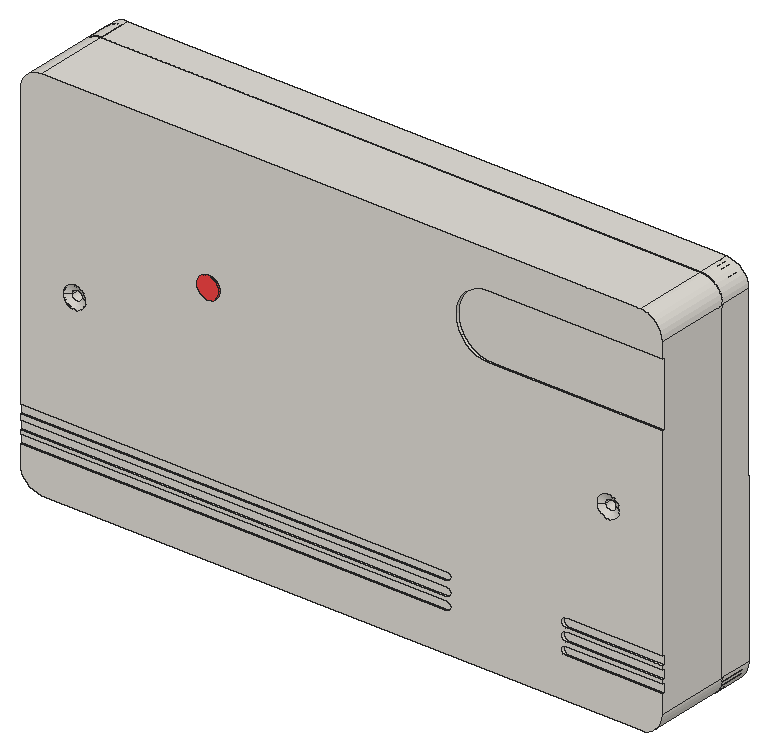
Revit family "TYCO-FPP-FireClass-FC410CIM CONTACT IP MODULE", category Electrical Fixtures, Revit 2014
Parameters (values of type "TYCO-FPP-FireClass-FC410CIM CONTACT IP MODULE")
  Wire Size (maximum) = "2.5sq. mm"
  Width = 84 mm  # constant formula
  URL = "https://fireclass.co.uk/en/emea/DocumentandMedia1/Data%20Sheets/80093%20Tyco%20Datasheet_addressable%20Loop%20Modules%20LR.pdf"
  Type Comments = "The FC410CIM FC Addressable Contact Input Module is designed to monitor\r\nfire contacts such as extinguishing system control, ventilation control, fire\r\ndoor control etc"
  Storage Temperature = "–40°C to +80°C"
  Relative Humidity = "10% to 95%"
  Rear Cover = yes
  PCB = PCB
  Model = "FireClass - 555.800.702"
  Manufacturer = "Tyco"
  Loop Voltage = "20V to 40Vdc"
  Length = 61 mm  # constant formula
  Keynote = "Two spur circuits monitoring multiple normally open contacts,\r\nwith short circuit giving a fault output."
  Front Cover = yes
  EOL Resistor = "200 Ohm"
  Description = "Contact Module FC410CIM"
  Monitor Resistor Value = "100 Ohm"
  Operating Temperature = "- 25 - + 70 ºC"
  Alarm State Current = "2.8mA"
Reference planes
  plane 1 "Center (Front/Back)": y = 0
  plane 2: z = 0
  plane 3 "Center (Left/Right)": x = 0
  plane 4: z = -30.5
  plane 5: z = 30.5
  plane 6: x = -42
  plane 7: x = 42
Forms (mm)
  Extrusion 1, solid, material "PCB" <- "PCB", detail levels fine
    sketch origin (0, 0, 0) x (1, 0, 0) y (0, 0, 1)
      loop
        line (-42, 30.5) -> (-42, -30.5) -> (42, -30.5) -> (42, 30.5) -> (-42, 30.5)
      loop
        circle (25.103, 14.32) r 3
      loop
        circle (26.184, -16.946) r 3
      loop
        circle (-27.276, 13.906) r 3
      loop
        circle (-26.184, -16.946) r 3
      loop
        circle (39.018, 27.625) r 1.135
      loop
        circle (39.018, -27.625) r 1.135
      loop
        circle (-39.018, 27.625) r 1.135
      loop
        circle (-39.018, -27.625) r 1.135
    from 0 to -0.518
  Extrusion 2, solid, material "SWT", detail levels fine
    sketch origin (-42, -4572, 71.14) x (0, 0, 1) y (0, -1, 0)
      loop
        line (-41.105, -4572) -> (-41.105, -4568.641) -> (-43.199, -4565.651) -> (-48.199, -4565.651) -> (-51.734, -4569.187) -> (-51.734, -4572) -> (-41.105, -4572)
    from 9.78 to 30.742
  Extrusion 3, solid, material "ST"
    sketch origin (-42, -2.813, 19.406) x (0, -0.707107, 0.707107) y (-1, 0, 0)
      loop
        line (4.36, -10.388) -> (0.904, -10.388) -> (0.904, -14.436) -> (4.36, -14.436) -> (4.36, -10.388)
      loop
        line (4.36, -15.388) -> (0.904, -15.388) -> (0.904, -19.436) -> (4.36, -19.436) -> (4.36, -15.388)
      loop
        line (4.36, -20.388) -> (0.904, -20.388) -> (0.904, -24.436) -> (4.36, -24.436) -> (4.36, -20.388)
      loop
        line (4.36, -25.388) -> (0.904, -25.388) -> (0.904, -29.436) -> (4.36, -29.436) -> (4.36, -25.388)
    from -1.989 to 1.281
  Extrusion 4, solid, material "ST"
    sketch origin (-42, -6.349, 27.942) x (0, 0.819152, 0.573576) y (-1, 0, 0)
      loop
        circle (1.836, -27.318) r 1.507
      loop
        circle (1.836, -22.318) r 1.507
      loop
        circle (1.836, -17.576) r 1.507
      loop
        circle (1.836, -12.576) r 1.507
    from -0.83 to 0.562
  Extrusion 5, solid, material "SWT", detail levels fine
    sketch origin (42, -4572, 71.14) x (0, 0, 1) y (0, 1, 0)
      loop
        line (-41.105, 4572) -> (-51.734, 4572) -> (-51.734, 4569.187) -> (-48.199, 4565.651) -> (-43.199, 4565.651) -> (-41.105, 4568.641) -> (-41.105, 4572)
    from 9.78 to 30.742
  Extrusion 6, solid, material "ST"
    sketch origin (42, -2.813, 19.406) x (0, -0.707107, 0.707107) y (-1, 0, 0)
      loop
        line (4.36, 10.388) -> (4.36, 14.436) -> (0.904, 14.436) -> (0.904, 10.388) -> (4.36, 10.388)
      loop
        line (4.36, 15.388) -> (4.36, 19.436) -> (0.904, 19.436) -> (0.904, 15.388) -> (4.36, 15.388)
      loop
        line (4.36, 20.388) -> (4.36, 24.436) -> (0.904, 24.436) -> (0.904, 20.388) -> (4.36, 20.388)
      loop
        line (4.36, 25.388) -> (4.36, 29.436) -> (0.904, 29.436) -> (0.904, 25.388) -> (4.36, 25.388)
    from -1.989 to 1.281
  Extrusion 7, solid, material "ST"
    sketch origin (42, -6.349, 27.942) x (0, 0.819152, 0.573576) y (-1, 0, 0)
      loop
        circle (1.836, 27.318) r 1.507
      loop
        circle (1.836, 22.318) r 1.507
      loop
        circle (1.836, 17.576) r 1.507
      loop
        circle (1.836, 12.576) r 1.507
    from -0.83 to 0.562
  Extrusion 8, solid, material "CON", detail levels fine
    sketch origin (0, 0, 0) x (1, 0, 0) y (0, 0, 1)
      loop
        circle (-2.554, -22.996) r 2.25
    from 0 to 4.715
Lines and regions (mm)
  model lines
    curve 1: line (-12.077, 0, 17.768) -> (-10.618, 0, 16.308)
    curve 2: line (-10.618, 0, 16.308) -> (13.577, 0, 16.308)
    curve 3: line (13.577, 0, 16.308) -> (17.318, 0, 14.148)
    curve 4: line (-11.512, 0, 18.334) -> (-10.287, 0, 17.108)
    curve 5: line (-10.287, 0, 17.108) -> (13.791, 0, 17.108)
    curve 6: line (13.791, 0, 17.108) -> (17.716, 0, 14.842)
    curve 7: circle (-12.284, 0, 18.368) r 0.899 normal (0, -1, 0)
    curve 8: circle (18.341, 0, 14.023) r 1.031 normal (0, -1, 0)
    curve 9: line (-18.507, 0, 12.301) -> (-3.798, 0, 12.301)
    curve 10: line (-18.569, 0, 13.101) -> (-3.855, 0, 13.101)
    curve 11: arc (-18.569, 0, 13.101) -> (-20.305, 0, 12.562) -> (-18.507, 0, 12.301) r 0.932
    curve 12: circle (-3.003, 0, 12.759) r 0.917 normal (0, -1, 0)
    curve 13: line (-30.887, 0, 9.958) -> (-37.401, 0, 9.958)
    curve 14: line (-37.401, 0, 9.958) -> (-39.548, 0, 7.811)
    curve 15: line (-39.548, 0, 7.811) -> (-39.548, 0, -19.407)
    curve 16: line (-38.748, 0, 7.48) -> (-38.748, 0, -19.407)
    curve 17: line (-37.07, 0, 9.158) -> (-38.748, 0, 7.48)
    curve 18: line (-30.963, 0, 9.158) -> (-37.07, 0, 9.158)
    curve 19: circle (-29.96, 0, 9.616) r 1.103 normal (0, -1, 0)
    curve 20: circle (-39.246, 0, -20.183) r 1.05 normal (0, -1, 0)
    curve 21: line (-22.909, 0, 4.903) -> (-22.909, 0, -2.64)
    curve 22: line (-22.909, 0, -2.64) -> (-20.029, 0, -5.52)
    curve 23: line (-20.029, 0, -5.52) -> (-13.923, 0, -5.52)
    curve 24: line (-13.923, 0, -5.52) -> (-13.923, 0, -22.089)
    curve 25: line (-22.109, 0, 4.869) -> (-22.109, 0, -2.309)
    curve 26: line (-22.109, 0, -2.309) -> (-19.698, 0, -4.72)
    curve 27: line (-19.698, 0, -4.72) -> (-13.123, 0, -4.72)
    curve 28: line (-13.123, 0, -4.72) -> (-13.123, 0, -22.107)
    curve 29: circle (-22.47, 0, 5.793) r 0.993 normal (0, -1, 0)
    curve 30: circle (-13.545, 0, -23.107) r 1.086 normal (0, -1, 0)
    curve 31: line (-18.334, 0, 2.673) -> (-15.661, 0, 0)
    curve 32: line (-15.661, 0, 0) -> (-7.298, 0, 0)
    curve 33: line (-7.298, 0, 0) -> (-3.763, 0, -3.536)
    curve 34: line (-3.763, 0, -3.536) -> (27.445, 0, -3.536)
    curve 35: line (-17.726, 0, 3.196) -> (-15.33, 0, 0.8)
    curve 36: line (-15.33, 0, 0.8) -> (-6.967, 0, 0.8)
    curve 37: line (-6.967, 0, 0.8) -> (-3.431, 0, -2.736)
    curve 38: line (-3.431, 0, -2.736) -> (27.394, 0, -2.736)
    curve 39: circle (-18.679, 0, 3.69) r 1.074 normal (0, -1, 0)
    curve 40: circle (28.353, 0, -3.077) r 1.018 normal (0, -1, 0)
    curve 41: line (12.616, 0, 2.966) -> (27.553, 0, 2.966)
    curve 42: line (27.553, 0, 2.966) -> (33.741, 0, 9.153)
    curve 43: line (12.553, 0, 3.766) -> (27.222, 0, 3.766)
    curve 44: line (27.222, 0, 3.766) -> (33.158, 0, 9.701)
    curve 45: circle (11.841, 0, 3.308) r 0.847 normal (0, -1, 0)
    curve 46: circle (34.058, 0, 10.075) r 0.975 normal (0, -1, 0)
    curve 47: line (5.637, 0, 12.301) -> (12.22, 0, 8.5)
    curve 48: line (12.22, 0, 8.5) -> (27.101, 0, 8.5)
    curve 49: line (6.037, 0, 12.994) -> (12.434, 0, 9.3)
    curve 50: line (12.434, 0, 9.3) -> (27.156, 0, 9.3)
    curve 51: circle (5.352, 0, 13.101) r 0.938 normal (0, -1, 0)
    curve 52: circle (28.224, 0, 8.953) r 1.123 normal (0, -1, 0)
  model lines, detail levels coarse+medium
    curve 53: line (-42, 0.518, 30.5) -> (42, 0.518, 30.5)
    curve 54: line (-42, 0.518, -30.5) -> (-42, 0.518, 30.5)
    curve 55: line (42, 0.518, -30.5) -> (-42, 0.518, -30.5)
    curve 56: line (42, 0.518, 30.5) -> (42, 0.518, -30.5)
Dimensions and locks
  equal spacing: plane 5, plane 2, plane 4
  "Length": plane 5 to plane 4
  equal spacing: plane 7, plane 3 "Center (Left/Right)", plane 6
  "Width": plane 7 to plane 6
  aligned and locked: level to plane 2
  aligned and locked: plane 5 to Extrusion 1 sketch curve
  aligned and locked: plane 6 to Extrusion 1 sketch curve
  aligned and locked: plane 4 to Extrusion 1 sketch curve
  aligned and locked: plane 7 to Extrusion 1 sketch curve
  aligned and locked: plane 5 to curve 53
  aligned and locked: plane 4 to curve 55
  aligned and locked: plane 7 to curve 56
  aligned and locked: plane 6 to curve 54
  aligned and locked: Extrusion 8 to Extrusion 1
  aligned and locked: plane 1 "Center (Front/Back)" to nested 1
  aligned and locked: plane 3 "Center (Left/Right)" to nested 1
  aligned and locked: plane 2 to nested 1
  aligned and locked: plane 3 "Center (Left/Right)" to nested 2
  aligned and locked: plane 2 to nested 2
  aligned and locked: nested 2 to Extrusion 1
Automatic sketch dimensions
  plane 6 to Extrusion 1 sketch curve = 2.982 mm  (x2)
  plane 6 to Extrusion 1 sketch curve = 14.724 mm
  plane 6 to Extrusion 1 sketch curve = 15.816 mm
  plane 7 to Extrusion 1 sketch curve = 16.897 mm
  plane 7 to Extrusion 1 sketch curve = 15.816 mm
  plane 7 to Extrusion 1 sketch curve = 2.982 mm  (x2)
  plane 4 to Extrusion 1 sketch curve = 2.875 mm  (x2)
  plane 4 to Extrusion 1 sketch curve = 13.554 mm  (x2)
  level to Extrusion 1 sketch curve = 13.906 mm
  level to Extrusion 1 sketch curve = 14.32 mm
  plane 5 to Extrusion 1 sketch curve = 2.875 mm  (x2)
  Extrusion 2 sketch curve to plane 1 "Center (Front/Back)" = 0 mm
  plane 5 to Extrusion 2 sketch curve = 11.094 mm
  Extrusion 2 sketch curve to Extrusion 2 sketch curve = 3.536 mm
  plane 5 to Extrusion 2 sketch curve = 2.558 mm
  plane 5 to Extrusion 2 sketch curve = 0.465 mm
  Extrusion 2 sketch curve to Extrusion 2 sketch curve = 2.813 mm
  plane 1 "Center (Front/Back)" to Extrusion 2 sketch curve = 3.359 mm
  Extrusion 2 sketch curve to Extrusion 2 sketch curve = 2.99 mm
  Extrusion 3 sketch curve to Extrusion 2 = 0.904 mm  (x4)
  Extrusion 2 to Extrusion 3 sketch curve = 0.64 mm  (x4)
  Extrusion 2 to Extrusion 3 sketch curve = 1.306 mm
  Extrusion 3 sketch curve to Extrusion 3 sketch curve = 4.048 mm  (x3)
  Extrusion 3 sketch curve to Extrusion 3 sketch curve = 0.952 mm  (x3)
  Extrusion 2 to Extrusion 3 sketch curve = 0.608 mm
  Extrusion 2 to Extrusion 4 sketch curve = 1.814 mm  (x4)
  Extrusion 2 to Extrusion 4 sketch curve = 3.424 mm
  Extrusion 4 sketch curve to Extrusion 4 sketch curve = 5 mm
  Extrusion 4 sketch curve to Extrusion 4 sketch curve = 4.742 mm
  Extrusion 2 to Extrusion 4 sketch curve = 2.795 mm
  Extrusion 5 sketch curve to plane 1 "Center (Front/Back)" = 0 mm
  plane 5 to Extrusion 5 sketch curve = 11.094 mm
  Extrusion 5 sketch curve to Extrusion 5 sketch curve = 3.536 mm  (x2)
  plane 5 to Extrusion 5 sketch curve = 2.558 mm
  plane 5 to Extrusion 5 sketch curve = 0.465 mm
  Extrusion 5 sketch curve to Extrusion 5 sketch curve = 2.813 mm
  plane 1 "Center (Front/Back)" to Extrusion 5 sketch curve = 3.359 mm
  Extrusion 6 sketch curve to Extrusion 5 = 0.904 mm  (x4)
  Extrusion 5 to Extrusion 6 sketch curve = 0.64 mm  (x4)
  Extrusion 5 to Extrusion 6 sketch curve = 0.608 mm
  Extrusion 6 sketch curve to Extrusion 6 sketch curve = 4.048 mm  (x3)
  Extrusion 6 sketch curve to Extrusion 6 sketch curve = 0.952 mm  (x3)
  Extrusion 5 to Extrusion 6 sketch curve = 1.306 mm
  Extrusion 5 to Extrusion 7 sketch curve = 1.814 mm  (x4)
  Extrusion 5 to Extrusion 7 sketch curve = 2.795 mm
  Extrusion 7 sketch curve to Extrusion 7 sketch curve = 5 mm
  Extrusion 7 sketch curve to Extrusion 7 sketch curve = 4.742 mm
  Extrusion 5 to Extrusion 7 sketch curve = 3.424 mm
  curve 14 to Extrusion 1 = 2.452 mm
  curve 15 to curve 20 = 0.302 mm
  curve 14 to curve 16 = 0.8 mm
  curve 16 to curve 14 = 1.346 mm
  curve 13 to curve 17 = 0.331 mm
  curve 17 to curve 19 = 7.11 mm
  curve 19 to curve 21 = 7.051 mm
  curve 21 to curve 29 = 0.439 mm
  curve 21 to curve 26 = 0.8 mm
  curve 25 to curve 23 = 2.08 mm
  curve 22 to curve 26 = 0.331 mm
  curve 29 to curve 11 = 3.094 mm
  curve 25 to curve 39 = 3.43 mm
  curve 11 to curve 10 = 0.807 mm
  curve 11 to curve 9 = 0.063 mm
  curve 39 to curve 31 = 3.018 mm
  curve 31 to curve 35 = 0.331 mm
  curve 31 to curve 24 = 1.739 mm
  curve 24 to curve 30 = 0.378 mm
  curve 23 to curve 28 = 0.8 mm
  curve 10 to curve 7 = 6.286 mm
  curve 1 to Extrusion 1 = 14.192 mm
  curve 7 to curve 1 = 1.666 mm
  curve 4 to Extrusion 1 = 13.392 mm
  curve 1 to curve 4 = 0.331 mm
  curve 27 to curve 33 = 5.824 mm
  curve 32 to curve 37 = 0.331 mm
  curve 32 to curve 34 = 3.536 mm
  curve 33 to curve 37 = 0.331 mm
  curve 1 to curve 12 = 7.615 mm
  curve 12 to curve 51 = 8.355 mm
  curve 51 to curve 45 = 6.49 mm
  curve 45 to curve 48 = 0.379 mm
  curve 47 to curve 49 = 0.214 mm
  curve 49 to curve 2 = 1.143 mm
  curve 2 to curve 5 = 0.214 mm
  curve 2 to curve 8 = 4.764 mm
  curve 8 to curve 43 = 8.881 mm
  curve 43 to curve 41 = 0.331 mm
  curve 43 to curve 52 = 1.002 mm
  curve 41 to curve 40 = 0.8 mm
  curve 52 to curve 46 = 5.834 mm
  curve 8 to curve 2 = 2.286 mm
  curve 10 to curve 1 = 3.208 mm
  curve 51 to curve 2 = 3.208 mm
  curve 12 to curve 10 = 0.341 mm
  curve 11 to curve 11 = 0.466 mm
  curve 46 to curve 8 = 3.948 mm
  curve 14 to curve 11 = 2.677 mm
  curve 19 to curve 13 = 0.342 mm
  curve 50 to curve 2 = 7.008 mm
  curve 18 to curve 13 = 0.8 mm
  curve 52 to curve 50 = 0.347 mm
  curve 48 to curve 49 = 0.8 mm
  curve 15 to curve 17 = 1.346 mm
  curve 16 to curve 14 = 0.331 mm
  curve 29 to curve 11 = 6.842 mm
  curve 43 to curve 48 = 4.734 mm
  curve 39 to curve 29 = 2.103 mm
  curve 45 to curve 43 = 0.458 mm
  curve 41 to curve 43 = 0.8 mm
  curve 36 to curve 9 = 11.501 mm
  curve 32 to curve 36 = 0.8 mm
  curve 25 to curve 31 = 2.309 mm
  curve 21 to curve 25 = 0.331 mm
  curve 38 to curve 32 = 2.736 mm
  curve 40 to curve 38 = 0.341 mm
  curve 33 to curve 37 = 0.8 mm
  curve 26 to curve 25 = 2.412 mm
  curve 23 to curve 27 = 0.8 mm
  curve 20 to Extrusion 1 = 10.317 mm
  curve 30 to Extrusion 1 = 7.393 mm
  curve 4 to curve 7 = 1.259 mm
  curve 18 to curve 19 = 1.003 mm
  curve 18 to curve 13 = 0.076 mm
  curve 39 to curve 31 = 0.345 mm
  curve 31 to curve 35 = 0.608 mm
  curve 1 to Extrusion 1 = 12.732 mm
  curve 7 to curve 1 = 0.207 mm
  curve 4 to Extrusion 1 = 12.166 mm
  curve 7 to curve 4 = 0.772 mm
  curve 10 to curve 12 = 0.851 mm
  curve 51 to curve 47 = 0.285 mm
  curve 49 to Extrusion 1 = 17.506 mm
  curve 51 to curve 49 = 0.685 mm
  curve 45 to curve 43 = 0.712 mm
  curve 3 to curve 8 = 1.023 mm
  curve 6 to Extrusion 1 = 15.658 mm
  curve 3 to curve 6 = 0.398 mm
  curve 48 to curve 50 = 0.055 mm
  curve 38 to curve 40 = 0.959 mm
  curve 44 to curve 46 = 0.9 mm
  curve 44 to curve 42 = 0.583 mm
  curve 47 to curve 49 = 0.693 mm
  curve 44 to curve 46 = 0.374 mm
  curve 21 to curve 29 = 0.89 mm
  curve 35 to curve 39 = 0.494 mm
  curve 20 to curve 15 = 0.775 mm
  curve 16 to curve 15 = 0 mm
  curve 30 to curve 24 = 1.018 mm
  Extrusion 8 sketch curve to Extrusion 1 = 7.504 mm
  Extrusion 8 sketch curve to Extrusion 1 = 39.446 mm
  radius of Extrusion 1 sketch curve = 3 mm  (x4)
  radius of Extrusion 1 sketch curve = 1.135 mm  (x4)
  radius of Extrusion 4 sketch curve = 1.507 mm  (x4)
  radius of Extrusion 7 sketch curve = 1.507 mm  (x4)
  radius of curve 7 = 0.899 mm
  radius of curve 20 = 1.05 mm
  radius of curve 51 = 0.938 mm
  radius of curve 52 = 1.123 mm
  radius of Extrusion 8 sketch curve = 2.25 mm
Nested families
  nested 1: "517.035.007" at (0, 0, 0), visible <- "Front Cover", type "517.035.007 cover", detail levels fine
    with Front Cover yes
  nested 2: "517.035.010 rear cover" at (0, -5.847, -7.5), visible <- "Rear Cover", type "517.035.010 back box", detail levels fine
    with Rear cover yes
Connectors
  electrical at (0, 0.518, 0)
    settings: on Extrusion 1, index 1, voltage 24 V, apparent load 0 VA, apparent load phase1 0 VA, apparent load phase2 0 VA, apparent load phase3 0 VA, power factor 1, load classification "Other", number of poles 1, system type 31, power factor state 1, is connector primary yes, connector utility no, sub classification motor no, connector description ""
Definition of nested family "517.035.007"
  Parameters (values of type "517.035.007 cover")
    X = 2 mm
    W = 148 mm
    Type Comments = "M520 Ancillary cover for use with 800 series modules.\r\nWill fit onto a MK style double gang back box."
    Model = "517.035.007"
    Material = Cover
    Manufacturer = "Tyco"
    L = 87 mm
    Front Cover [instance] = yes
    Description = "M520 Ancillary Cover"
    D = 23 mm
  Reference planes
    plane 1 "Center (Front/Back)": y = 0
    plane 2: z = 0
    plane 3 "Center (Left/Right)": x = 0
    plane 4: x = -74
    plane 5: x = 74
    plane 6: x = 61.5
    plane 7: z = 43.5
    plane 8: z = -43.5
    plane 9: y = -23
  Forms (mm)
    Extrusion 1, solid, material "Cover" <- "Material", visible <- "Front Cover", detail levels fine
      sketch origin (0, -23.027, 0) x (1, 0, 0) y (0, 0, 1)
        loop
          arc (-69, 43.5) -> (-72.536, 42.036) -> (-74, 38.5) r 5
          line (-74, 38.5) -> (-74, -38.5)
          arc (-74, -38.5) -> (-72.536, -42.036) -> (-69, -43.5) r 5
          line (-69, -43.5) -> (69, -43.5)
          arc (69, -43.5) -> (72.536, -42.036) -> (74, -38.5) r 5
          line (74, -38.5) -> (74, 38.5)
          arc (74, 38.5) -> (72.536, 42.036) -> (69, 43.5) r 5
          line (69, 43.5) -> (-69, 43.5)
      from -23 to 0
    Extrusion 2, void
      sketch origin (0, -23.027, 0) x (-1, 0, 0) y (0, 0, 1)
        loop
          line (74, -26.396) -> (-24.324, -26.396)
          arc (-24.324, -26.396) -> (-25.324, -27.396) -> (-24.324, -28.396) r 1
          line (-24.324, -28.396) -> (74, -28.396) -> (74, -26.396)
        loop
          line (74, -29.671) -> (-24.324, -29.671)
          arc (-24.324, -29.671) -> (-25.324, -30.671) -> (-24.324, -31.671) r 1
          line (-24.324, -31.671) -> (74, -31.671) -> (74, -29.671)
        loop
          line (74, -32.583) -> (-24.324, -32.583)
          arc (-24.324, -32.583) -> (-25.324, -33.583) -> (-24.324, -34.583) r 1
          line (-24.324, -34.583) -> (74, -34.583) -> (74, -32.583)
        loop
          line (-51.834, -26.396) -> (-74, -26.396) -> (-74, -28.396) -> (-51.834, -28.396)
          arc (-51.834, -28.396) -> (-50.834, -27.396) -> (-51.834, -26.396) r 1
        loop
          line (-51.834, -29.305) -> (-74, -29.305) -> (-74, -31.305) -> (-51.834, -31.305)
          arc (-51.834, -31.305) -> (-50.834, -30.305) -> (-51.834, -29.305) r 1
        loop
          line (-51.834, -32.254) -> (-74, -32.254) -> (-74, -34.254) -> (-51.834, -34.254)
          arc (-51.834, -34.254) -> (-50.834, -33.254) -> (-51.834, -32.254) r 1
        loop
          line (-74, 34.995) -> (-74, 19.995) -> (-34, 19.995)
          arc (-34, 19.995) -> (-26.5, 27.495) -> (-34, 34.995) r 7.5
          line (-34, 34.995) -> (-74, 34.995)
      from 0 to 0.563
    Revolve 3, void
      sketch origin (0, -23.027, 0) x (0, -1, 0) y (1, 0, 0)
        loop
          line (-3.575, 61.5) -> (0, 61.5) -> (0, 64.045) -> (-0.836, 62.678) -> (-3.575, 62.678) -> (-3.575, 61.5)
        axis (-3.575, 61.5) -> (0, 61.5)
      angle from 0 to 360
    Extrusion 4, solid, material "LED RED", detail levels fine
      sketch origin (0, -23.027, 0) x (1, 0, 0) y (0, 0, 1)
        loop
          circle (-30.624, 12.978) r 2.558
      from -1.293 to 0.174
    Extrusion 5, void
      sketch origin (-94.576, -0.027, -4572) x (1, 0, 0) y (0, 0, -1)
        loop
          line (26.703, -4612.567) -> (162.316, -4612.567)
          arc (162.316, -4612.567) -> (164.664, -4611.594) -> (165.637, -4609.246) r 3.321
          line (165.637, -4609.246) -> (165.637, -4534.612)
          arc (165.637, -4534.612) -> (164.589, -4532.082) -> (162.058, -4531.033) r 3.578
          line (162.058, -4531.033) -> (27.05, -4531.033)
          arc (27.05, -4531.033) -> (24.499, -4532.09) -> (23.442, -4534.641) r 3.608
          line (23.442, -4534.641) -> (23.442, -4609.306)
          arc (23.442, -4609.306) -> (24.397, -4611.612) -> (26.703, -4612.567) r 3.261
      from 0 to -19.425
    Revolve 6, void
      sketch origin (0, -23.027, 0) x (0, 1, 0) y (-1, 0, 0)
        loop
          line (3.575, 61.5) -> (3.575, 62.678) -> (0.836, 62.678) -> (0, 64.045) -> (0, 61.5) -> (3.575, 61.5)
        axis (3.575, 61.5) -> (0, 61.5)
      angle from 0 to 360
  Cuts and joins
    Extrusion 2, Revolve 3, Extrusion 5, Revolve 6 cuts Extrusion 1
  Dimensions and locks
    equal spacing: plane 4, plane 3 "Center (Left/Right)", plane 5
    "W": plane 4 to plane 5
    locked: plane 5 to plane 6 at 12.5
    equal spacing: plane 7, level, plane 8
    "L": plane 7 to plane 8
    "D": plane 9 to plane 1 "Center (Front/Back)"
    aligned and locked: plane 2 to level
    aligned and locked: Extrusion 1 to Extrusion 5
    aligned and locked: Extrusion 1 sketch curve to plane 7
    aligned and locked: plane 4 to Extrusion 1 sketch curve
    aligned and locked: Extrusion 1 sketch curve to plane 8
    aligned and locked: Extrusion 1 to Extrusion 2
  Automatic sketch dimensions
    plane 5 to Extrusion 1 sketch curve = 0 mm
    plane 4 to Extrusion 1 sketch curve = 5 mm  (x2)
    plane 5 to Extrusion 1 sketch curve = 5 mm
    Extrusion 1 sketch curve to Extrusion 1 sketch curve = 5 mm
    plane 5 to Extrusion 2 sketch curve = 0 mm  (x4)
    Extrusion 2 sketch curve to plane 4 = 0 mm  (x3)
    Extrusion 2 sketch curve to plane 6 = 9.666 mm
    Extrusion 2 sketch curve to Extrusion 2 sketch curve = 0 mm  (x4)
    Extrusion 2 sketch curve to plane 6 = 27.5 mm
    Extrusion 2 sketch curve to plane 8 = 9.917 mm
    plane 3 "Center (Left/Right)" to Extrusion 2 sketch curve = 24.324 mm
    Extrusion 2 sketch curve to plane 8 = 9.246 mm
    Extrusion 2 sketch curve to plane 8 = 8.917 mm
    Extrusion 2 sketch curve to Extrusion 2 sketch curve = 1 mm  (x5)
    Extrusion 2 sketch curve to Extrusion 2 sketch curve = 0.912 mm
    Extrusion 2 sketch curve to Extrusion 2 sketch curve = 0.95 mm
    Extrusion 2 sketch curve to Extrusion 2 sketch curve = 0.908 mm
    Extrusion 2 sketch curve to Extrusion 2 sketch curve = 1.275 mm
    level to Extrusion 2 sketch curve = 19.995 mm
    Extrusion 2 sketch curve to Extrusion 2 sketch curve = 7.5 mm
    Revolve 3 sketch curve to plane 6 = 0 mm  (x2)
    plane 1 "Center (Front/Back)" to Revolve 3 sketch curve = 19.452 mm
    plane 6 to Revolve 3 sketch curve = 1.178 mm
    Revolve 3 sketch curve to Revolve 3 sketch curve = 2.739 mm
    plane 6 to Revolve 3 sketch curve = 2.545 mm
    Revolve 3 sketch curve to Revolve 3 sketch curve = 0.836 mm
    Revolve 3 sketch curve to Revolve 3 sketch curve = 0.558 mm
    Revolve 3 sketch curve to Revolve 3 sketch curve = 1.62 mm
    Extrusion 4 sketch curve to Extrusion 1 = 43.376 mm
    Extrusion 4 sketch curve to Extrusion 1 = 30.522 mm
    plane 4 to Extrusion 5 sketch curve = 2.867 mm
    Extrusion 5 sketch curve to plane 7 = 2.933 mm
    Extrusion 5 sketch curve to Extrusion 5 sketch curve = 3.261 mm
    Extrusion 5 sketch curve to plane 8 = 2.533 mm
    Extrusion 5 sketch curve to Extrusion 5 sketch curve = 3.608 mm
    plane 6 to Extrusion 5 sketch curve = 5.983 mm
    plane 6 to Extrusion 5 sketch curve = 6.24 mm
    plane 5 to Extrusion 5 sketch curve = 2.939 mm
    plane 1 "Center (Front/Back)" to Revolve 6 sketch curve = 23.027 mm
    Revolve 6 sketch curve to Revolve 6 sketch curve = 0.836 mm
    Revolve 6 sketch curve to Revolve 6 sketch curve = 2.739 mm
    plane 4 to Revolve 6 sketch curve = 12.5 mm
    Revolve 6 sketch curve to Revolve 6 sketch curve = 1.178 mm
    Revolve 6 sketch curve to Revolve 6 sketch curve = 1.367 mm
    Revolve 6 sketch curve to Revolve 6 sketch curve = 1.62 mm
    Revolve 6 sketch curve to Revolve 6 sketch curve = 0.558 mm
    Revolve 6 sketch curve to Revolve 6 sketch curve = 0 mm
    radius of Extrusion 4 sketch curve = 2.558 mm
Definition of nested family "517.035.010 rear cover"
  Parameters (values of type "517.035.010 back box")
    W = 148 mm
    URL = "http://tfppemea.com/en/_layouts/fsassets/Docs/Detection_FireClass/UK%20FireClass%20CATALOGUE%20(LR).pdf"
    Type Comments = "K2142 White plastic surface mount MK backbox for use\r\nwith 800 Series addressable ancillaries using 517.035.007\r\ncover."
    Rear cover [instance] = yes
    Model = "517.035.010\r\n517.035.010"
    Manufacturer = "Tyco"
    L = 87 mm
    Finish = rear cover
    Description = "K2142 White Plastic Surface Mount MK\r\nbackbox"
  Reference planes
    plane 1 "Center (Front/Back)": y = 0
    plane 2: z = 0
    plane 3 "Center (Left/Right)": x = 0
    plane 4: x = -74
    plane 5: x = 74
    plane 6: z = 7.5
  Forms (mm)
    Extrusion 1, solid, material "rear cover" <- "Finish", visible <- "Rear cover", detail levels fine
      sketch origin (0, 7.5, 7.5) x (1, 0, 0) y (0, 0, 1)
        loop
          arc (-69, 43.5) -> (-72.536, 42.036) -> (-74, 38.5) r 5
          line (-74, 38.5) -> (-74, -38.5)
          arc (-74, -38.5) -> (-72.536, -42.036) -> (-69, -43.5) r 5
          line (-69, -43.5) -> (69, -43.5)
          arc (69, -43.5) -> (72.536, -42.036) -> (74, -38.5) r 5
          line (74, -38.5) -> (74, 38.5)
          arc (74, 38.5) -> (72.536, 42.036) -> (69, 43.5) r 5
          line (69, 43.5) -> (-69, 43.5)
      from 0 to 7.5
    Extrusion 2, void
      sketch origin (0, 0, 0) x (-1, 0, 0) y (0, 0, 1)
        loop
          line (71.151, 48.985) -> (-71.802, 48.985) -> (-71.802, -33.613) -> (71.151, -33.613) -> (71.151, 48.985)
        loop
          circle (-61, 7.5) r 1.229
        loop
          circle (-61, 7.5) r 2.2
        loop
          circle (61, 7.5) r 1.229
        loop
          circle (61, 7.5) r 2.2
      from 0 to 6.364
  Cuts and joins
    Extrusion 2 cuts Extrusion 1
  Dimensions and locks
    equal spacing: plane 4, plane 3 "Center (Left/Right)", plane 5
    "W": plane 4 to plane 5
    plane 6 to plane 2 = 7.5 mm
    aligned and locked: plane 2 to level
    aligned and locked: Extrusion 1 sketch curve to plane 4
    aligned and locked: Extrusion 1 sketch curve to plane 5
  Automatic sketch dimensions
    Extrusion 1 sketch curve to plane 4 = 5 mm
    Extrusion 1 sketch curve to Extrusion 1 sketch curve = 5 mm
    Extrusion 1 sketch curve to plane 5 = 5 mm  (x2)
    Extrusion 1 sketch curve to level = 36 mm
    plane 6 to Extrusion 1 sketch curve = 38.5 mm
    Extrusion 2 sketch curve to Extrusion 2 sketch curve = 0 mm  (x4)
    Extrusion 2 sketch curve to plane 6 = 0 mm  (x2)
    Extrusion 2 sketch curve to plane 5 = 2.198 mm
    Extrusion 2 sketch curve to plane 5 = 13 mm
    Extrusion 2 sketch curve to plane 4 = 13 mm
    Extrusion 2 sketch curve to plane 4 = 2.849 mm
    Extrusion 2 sketch curve to level = 33.613 mm
    plane 6 to Extrusion 2 sketch curve = 41.485 mm
    radius of Extrusion 2 sketch curve = 1.229 mm  (x2)
    radius of Extrusion 2 sketch curve = 2.2 mm  (x2)
